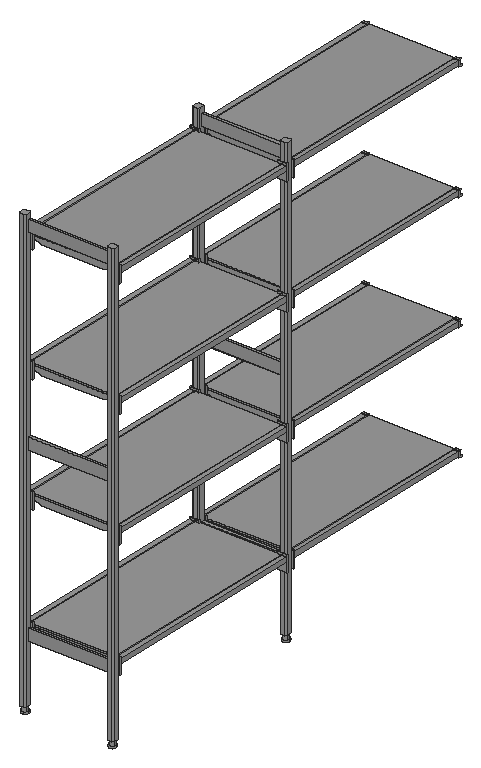
Revit family "QF_ZANUSSI_137060_ACS1664", category Attrezzature speciali, Revit 2020 (continued)
Definition of nested family "WT_Aggancio373"
  Dimensions and locks
    "Depth": plane 3 "BACK" to plane 4 "FRONT"
    "Dint": plane 7 to plane 8
    equal spacing: plane 7, plane 6 "Center (Front/Back)", plane 8
    equal spacing: plane 3 "BACK", plane 6 "Center (Front/Back)", plane 4 "FRONT"
    plane 9 "FEET" to level = 25.0 mm
    plane 5 "TOP" to plane 9 "FEET" = 1700.0 mm
    plane 10 to plane 9 "FEET" = 250.0 mm
    plane 11 to plane 10 = 450.0 mm
    plane 12 to plane 11 = 450.0 mm
    plane 13 to plane 12 = 450.0 mm
    locked: plane 3 "BACK" to plane 15 "CYBack" at 17.5
    locked: plane 16 "CYFront" to plane 4 "FRONT" at 17.5
    aligned and locked: level to plane 1
    aligned and locked: Extrusion 1 sketch curve to Extrusion 1 sketch curve  (x3)
  Automatic sketch dimensions
    plane 16 "CYFront" to Extrusion 1 sketch curve = 1.478 mm  (x4)
    Extrusion 1 sketch curve to Extrusion 1 sketch curve = 2.0 mm
    plane 8 to Extrusion 1 sketch curve = 3.478 mm  (x4)
    Extrusion 1 sketch curve to plane 10 = 4.006 mm
    Extrusion 1 sketch curve to Extrusion 1 sketch curve = 34.0 mm  (x4)
    Extrusion 1 sketch curve to plane 11 = 4.006 mm
    Extrusion 1 sketch curve to plane 12 = 4.006 mm
    Extrusion 1 sketch curve to plane 13 = 4.006 mm
    Extrusion 1 sketch curve to plane 7 = 37.522 mm  (x4)
    Extrusion 1 sketch curve to plane 7 = 3.522 mm  (x4)
    plane 14 to Extrusion 1 sketch curve = 3.516 mm  (x4)
    plane 14 to Extrusion 1 sketch curve = 1.522 mm  (x4)
    plane 10 to Extrusion 1 sketch curve = 7.998 mm  (x2)
    Extrusion 1 sketch curve to Extrusion 1 sketch curve = 11.498 mm  (x4)
    Extrusion 1 sketch curve to Extrusion 1 sketch curve = 6.499 mm  (x8)
    plane 11 to Extrusion 1 sketch curve = 7.998 mm  (x2)
    plane 12 to Extrusion 1 sketch curve = 7.998 mm  (x2)
    plane 13 to Extrusion 1 sketch curve = 7.998 mm  (x2)
    plane 2 "LEFT" to Extrusion 2 sketch curve = 0.0 mm  (x4)
    plane 13 to Extrusion 2 sketch curve = 7.996 mm
    plane 11 to Extrusion 2 sketch curve = 7.996 mm
    Extrusion 2 sketch curve to Extrusion 2 sketch curve = 5.0 mm  (x4)
    plane 11 to Extrusion 2 sketch curve = 2.494 mm
    plane 10 to Extrusion 2 sketch curve = 28.996 mm
    Extrusion 2 sketch curve to Extrusion 2 sketch curve = 3.0 mm  (x4)
    plane 10 to Extrusion 2 sketch curve = 7.996 mm
    plane 10 to Extrusion 2 sketch curve = 2.494 mm
    Extrusion 2 sketch curve to Extrusion 2 sketch curve = 18.0 mm  (x3)
    plane 12 to Extrusion 2 sketch curve = 2.494 mm
    plane 12 to Extrusion 2 sketch curve = 7.996 mm
    plane 13 to Extrusion 2 sketch curve = 2.494 mm
    plane 2 "LEFT" to Extrusion 3 sketch curve = 0.0 mm  (x4)
    plane 13 to Extrusion 3 sketch curve = 7.996 mm
    plane 11 to Extrusion 3 sketch curve = 7.996 mm
    Extrusion 3 sketch curve to Extrusion 3 sketch curve = 5.0 mm  (x4)
    plane 11 to Extrusion 3 sketch curve = 2.494 mm
    plane 10 to Extrusion 3 sketch curve = 28.996 mm
    Extrusion 3 sketch curve to Extrusion 3 sketch curve = 3.0 mm  (x4)
    plane 10 to Extrusion 3 sketch curve = 7.996 mm
    plane 10 to Extrusion 3 sketch curve = 2.494 mm
    Extrusion 3 sketch curve to Extrusion 3 sketch curve = 18.0 mm  (x3)
    plane 12 to Extrusion 3 sketch curve = 2.494 mm
    plane 12 to Extrusion 3 sketch curve = 7.996 mm
    plane 13 to Extrusion 3 sketch curve = 2.494 mm
    plane 2 "LEFT" to curve 1 = 5.0 mm
    plane 2 "LEFT" to curve 7 = 5.0 mm
    curve 1 to plane 16 "CYFront" = 17.5 mm
    curve 3 to plane 8 = 12.522 mm
    plane 7 to curve 5 = 12.478 mm
    curve 7 to plane 14 = 17.5 mm
    curve 5 to curve 5 = 4.0 mm
    curve 1 to curve 4 = 4.0 mm
    Extrusion 2 sketch curve to Extrusion 2 sketch curve = 4.0 mm  (x4)
    Extrusion 2 sketch curve to Extrusion 2 sketch curve = 8.969 mm  (x4)
    Extrusion 3 sketch curve to Extrusion 3 sketch curve = 4.0 mm  (x4)
    Extrusion 3 sketch curve to Extrusion 3 sketch curve = 8.969 mm  (x4)
